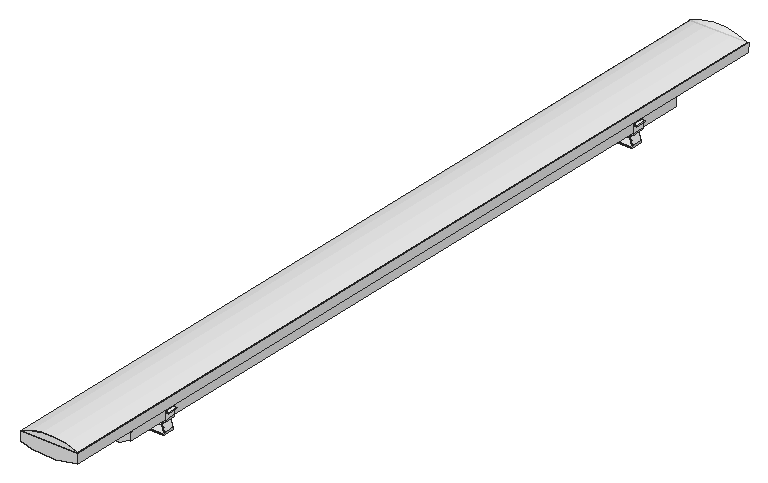
Revit family "Lighting-Industriale-GEWISS-SMART[3]PLUS-HLO-PLAFONIERA-LED-EMERGENZA_TRANSPARENTE_1600mm", category Apparecchi per illuminazione, host Superficie, Revit 2019
Family settings
  Host = Superficie
  Quota connettore circolare = Usa diametro
  Tipo di parte = Normale
  Taglio con vuoti quando caricato = No
  Sorgente d'illuminazione = No
  Condiviso = No
  Punto di calcolo locali = No
Parameters (values of type "GWS3325BT957 - SMART3 PLUS 1600 EMERG DT1+DT6 HO TRASP 9 57")
  Visibilità simbolo [instance] = yes
  Visibilità pianta [instance] = not(Visibilità simbolo)  # no
  Visibilità etichetta [instance] = yes
  Versione file RFA = "20.0"
  URL = "https://www.gewiss.com/it/it"
  Tipologia sorgente luminosa = "LED - Non sostituibile"
  Tipologia = ""
  Tipo alimentatore = ""
  Tensione = "220-240 V "
  Temperatura di utilizzo = "ND"
  Temperatura di funzionamento = "ND"
  Temperatura di colore: = "5700 K (CRI > 90)"
  Temperatura di colore = "5700 K (CRI > 90)"
  Schermo = "Trasparente"
  Scheda Tecnica = "https://www.gewiss.com/it/it/search?q=GWS3325BT957"
  SEO = "Plafoniera"
  Resistenza agli urti = "IK08"
  Potenza di sistema = "50 W"
  Peso (kg): = ""
  NÂ° LED (#) = ""
  Numero poli = 2
  Struttura = GRIGIO
  Stampa 1_200 = no
  Stampa 1_100 = not(Stampa 1_200)  # yes
  Spostamento_Y_etichetta [instance] = 0 mm
  Spostamento_Y_effettivo_etichetta [instance] = 1500 mm - Spostamento_Y_etichetta  # 1500 mm
  Spostamento_X_etichetta [instance] = 0 mm
  Spostamento_X_effettivo_etichetta [instance] = 1500 mm - Spostamento_X_etichetta  # 1500 mm
  Schermo. = Led Acceso
  Default Elevation = 1219.2 mm
  Produttore = "GEWISS S.p.A."
  Modello = "GWS3325BT957"
  Lunghezza Lampada = 1600 mm  # constant formula
  Lunghezza = "1600 mm"
  Lumen output (lm) = "7400"
  Lampada: = "LED"
  Lampada = "LED"
  LED LifeTime (L80B20) = ""
  LED Life time (L90B50) = ""
  LED Life time (L80B50) = ""
  LED Life time (L70) = ""
  Immagine tipo = GWS3158TL.jpg
  IFC.TypeObject = ""
  IFC.ExportType = ""
  IFC.ExportAs = ""
  IDT = "0d0c36dd-7d20-424d-bc0a-e9538265b617"
  IDF = "20be86eb-b235-424b-90a6-5190a60e8883"
  Grado di protezione = "IP66/IP69"
  Glow Wire Test = "850°C"
  Garanzia = "ND"
  Ganci = Alluminio
  Flusso nominale (lm) = ""
  Failure rate apparecchio (50.000h, Tq=25Â° C) = ""
  Failure rate apparecchio (35.000h, Tq=35Â° C) = ""
  Descrizione = "SMART3 PLUS 1600 EMERG DT1+DT6 HO TRASP 9 57"
  Creato da GEWISS S.p.A. = ""
  Commenti sul wattaggio = "26W"
  Codice Electrocod = "2434"
  Codice EAN = ""
  Classe isolamento = "II"
  Classe di efficienza LED integrati = "A ÷ A++"
  Catalogo Serie = "SMART[3] PLUS HLO"
  Catalogo = "LIGHTING"
  Carico apparente = 26 VA
  COBie.Tagnumber = ""
  COBie.CreatedOn = ""
  COBie.CreatebBy = ""
  COBie.ComponentRegisterItemID = ""
  COBie.Component.TagNumber = ""
  COBie.Component.Space = ""
  COBie.Component.SerialNumber = ""
  COBie.Component.InstallationDate = ""
  COBie.Component.Description = ""
  COBie.Component.BarCode = ""
  Applicazione = "Interno"
  Apparecchio a ridotta temperatura superficiale = ""
Types (6, lengths in mm): name | Temperatura di colore: | Temperatura di colore | Scheda Tecnica | Modello | Lumen output (lm) | Immagine tipo | IDT | Descrizione | Commenti sul wattaggio | Carico apparente
  GWS3325BT840 - SMART3 PLUS 1600 EMERG DT1+DT6 HO TRASP 8 40 | "4000 K (CRI > 80)" | "4000 K (CRI > 80)" | "https://www.gewiss.com/it/it/search?q=GWS3325BT840" | "GWS3325BT840" | "9400" | GWS3158T.jpg | "5efdf367-262e-4b37-a7ee-97abab928725" | "SMART3 PLUS 1600 EMERG DT1+DT6 HO TRASP 8 40" | "26W" | 26 VA
  GWS3325BT857 - SMART3 PLUS 1600 EMERG DT1+DT6 HO TRASP 8 57 | "5700 K (CRI > 80)" | "5700 K (CRI > 80)" | "https://www.gewiss.com/it/it/search?q=GWS3325BT857" | "GWS3325BT857" | "9400" | GWS3158T30K.jpg | "3f0ca7bd-6e26-4961-bf24-f6e595b37682" | "SMART3 PLUS 1600 EMERG DT1+DT6 HO TRASP 8 57" | "26W" | 26 VA
  GWS3325BT930 - SMART3 PLUS 1600 EMERG DT1+DT6 HO TRASP 9 30 | "3000 K (CRI > 90)" | "3000 K (CRI > 90)" | "https://www.gewiss.com/it/it/search?q=GWS3325BT930" | "GWS3325BT930" | "6900" | GWS3158T57K.jpg | "4814560a-ea28-4262-bd38-56ad4326c2bf" | "SMART3 PLUS 1600 EMERG DT1+DT6 HO TRASP 9 30" | "26W" | 26 VA
  GWS3325BT830 - SMART3 PLUS 1600 EMERG DT1+DT6 HO TRASP 8 30 | "3000 K (CRI > 80)" | "3000 K (CRI > 80)" | "https://www.gewiss.com/it/it/search?q=GWS3325BT830" | "GWS3325BT830" | "8900" | GWS3158TD30K.jpg | "0effa6a7-1013-4012-9a4c-e161cacb130e" | "SMART3 PLUS 1600 EMERG DT1+DT6 HO TRASP 8 30" | "27W" | 27 VA
  GWS3325BT940 - SMART3 PLUS 1600 EMERG DT1+DT6 HO TRASP 9 40 | "4000 K (CRI > 90)" | "4000 K (CRI > 90)" | "https://www.gewiss.com/it/it/search?q=GWS3325BT940" | "GWS3325BT940" | "7400" | GWS3158TD57K.jpg | "b69984a9-f126-4955-95ec-100c0a2e5617" | "SMART3 PLUS 1600 EMERG DT1+DT6 HO TRASP 9 40" | "27W" | 27 VA
  GWS3325BT957 - SMART3 PLUS 1600 EMERG DT1+DT6 HO TRASP 9 57 | "5700 K (CRI > 90)" | "5700 K (CRI > 90)" | "https://www.gewiss.com/it/it/search?q=GWS3325BT957" | "GWS3325BT957" | "7400" | GWS3158TL.jpg | "0d0c36dd-7d20-424d-bc0a-e9538265b617" | "SMART3 PLUS 1600 EMERG DT1+DT6 HO TRASP 9 57" | "26W" | 26 VA
Reference planes
  plane 1 "Centro (Fronte/Retro)": y = 0
  plane 2: z = 0
  plane 3 "Centro (Sinistra/Destra)": x = 0
  plane 4: x = -1500
  plane 5: y = -1500
  plane 6: x = 0
  plane 7: y = 0
Forms (mm)
  Extrusion 1, solid, material "Alluminio" <- "Ganci", detail levels medium+fine
    sketch origin (0, 0, 0) x (1, 0, 0) y (0, 0, 1)
      loop
        arc (31.431, -0.002) -> (34.576, 1.589) -> (35.156, 5.066) r 3.903
        line (35.156, 5.066) -> (29.612, 23.211)
        arc (29.612, 23.211) -> (29.883, 24.381) -> (31.032, 24.73) r 1.2
        line (31.032, 24.73) -> (34.307, 23.974)
        arc (34.307, 23.974) -> (36.765, 24.53) -> (37.859, 26.8) r 2.9
        line (37.859, 26.8) -> (37.859, 38.8)
        arc (37.859, 38.8) -> (37.648, 39.694) -> (37.059, 40.4) r 2
        line (37.059, 40.4) -> (37.059, 42.71) -> (42.861, 40.598) -> (43.203, 41.538) -> (37.53, 43.603)
        arc (37.53, 43.603) -> (37.019, 43.613) -> (36.605, 43.311) r 0.8
        line (36.605, 43.311) -> (36.306, 26.139)
        arc (36.306, 26.139) -> (35.6, 25.444) -> (34.616, 25.34) r 1.5
        line (34.616, 25.34) -> (31.344, 26.095)
        arc (31.344, 26.095) -> (28.858, 25.335) -> (28.273, 22.802) r 2.6
        line (28.273, 22.802) -> (33.827, 4.636)
        arc (33.827, 4.636) -> (33.449, 2.415) -> (31.438, 1.4) r 2.5
        line (31.438, 1.4) -> (-31.437, 1.4)
        arc (-31.437, 1.4) -> (-33.449, 2.415) -> (-33.827, 4.636) r 2.5
        line (-33.827, 4.636) -> (-28.273, 22.802)
        arc (-28.273, 22.802) -> (-28.858, 25.335) -> (-31.344, 26.095) r 2.6
        line (-31.344, 26.095) -> (-34.616, 25.34)
        arc (-34.616, 25.34) -> (-35.6, 25.444) -> (-36.306, 26.139) r 1.5
        line (-36.306, 26.139) -> (-36.605, 43.311)
        arc (-36.605, 43.311) -> (-37.019, 43.613) -> (-37.53, 43.603) r 0.8
        line (-37.53, 43.603) -> (-43.203, 41.538) -> (-42.861, 40.598) -> (-37.059, 42.71) -> (-37.059, 40.4)
        arc (-37.059, 40.4) -> (-37.648, 39.694) -> (-37.859, 38.8) r 2
        line (-37.859, 38.8) -> (-37.859, 26.8)
        arc (-37.859, 26.8) -> (-36.765, 24.53) -> (-34.307, 23.974) r 2.9
        line (-34.307, 23.974) -> (-31.032, 24.73)
        arc (-31.032, 24.73) -> (-29.883, 24.381) -> (-29.612, 23.211) r 1.2
        line (-29.612, 23.211) -> (-35.156, 5.066)
        arc (-35.156, 5.066) -> (-34.576, 1.589) -> (-31.431, -0.002) r 3.903
        line (-31.431, -0.002) -> (31.431, -0.002)
    from 548.766 to 568.766
  Extrusion 2, solid, material "Alluminio" <- "Ganci", detail levels medium+fine
    sketch origin (0, 0, 0) x (1, 0, 0) y (0, 0, -1)
      loop
        line (31.431, 0.002) -> (-31.431, 0.002)
        arc (-31.431, 0.002) -> (-34.576, -1.589) -> (-35.156, -5.066) r 3.903
        line (-35.156, -5.066) -> (-29.612, -23.211)
        arc (-29.612, -23.211) -> (-29.883, -24.381) -> (-31.032, -24.73) r 1.2
        line (-31.032, -24.73) -> (-34.307, -23.974)
        arc (-34.307, -23.974) -> (-36.765, -24.53) -> (-37.859, -26.8) r 2.9
        line (-37.859, -26.8) -> (-37.859, -38.8)
        arc (-37.859, -38.8) -> (-37.648, -39.694) -> (-37.059, -40.4) r 2
        line (-37.059, -40.4) -> (-37.059, -42.71) -> (-42.861, -40.598) -> (-43.203, -41.538) -> (-37.53, -43.603)
        arc (-37.53, -43.603) -> (-37.019, -43.613) -> (-36.605, -43.311) r 0.8
        line (-36.605, -43.311) -> (-36.306, -26.139)
        arc (-36.306, -26.139) -> (-35.6, -25.444) -> (-34.616, -25.34) r 1.5
        line (-34.616, -25.34) -> (-31.344, -26.095)
        arc (-31.344, -26.095) -> (-28.858, -25.335) -> (-28.273, -22.802) r 2.6
        line (-28.273, -22.802) -> (-33.827, -4.636)
        arc (-33.827, -4.636) -> (-33.449, -2.415) -> (-31.437, -1.4) r 2.5
        line (-31.437, -1.4) -> (31.438, -1.4)
        arc (31.438, -1.4) -> (33.449, -2.415) -> (33.827, -4.636) r 2.5
        line (33.827, -4.636) -> (28.273, -22.802)
        arc (28.273, -22.802) -> (28.858, -25.335) -> (31.344, -26.095) r 2.6
        line (31.344, -26.095) -> (34.616, -25.34)
        arc (34.616, -25.34) -> (35.6, -25.444) -> (36.306, -26.139) r 1.5
        line (36.306, -26.139) -> (36.605, -43.311)
        arc (36.605, -43.311) -> (37.019, -43.613) -> (37.53, -43.603) r 0.8
        line (37.53, -43.603) -> (43.203, -41.538) -> (42.861, -40.598) -> (37.059, -42.71) -> (37.059, -40.4)
        arc (37.059, -40.4) -> (37.648, -39.694) -> (37.859, -38.8) r 2
        line (37.859, -38.8) -> (37.859, -26.8)
        arc (37.859, -26.8) -> (36.765, -24.53) -> (34.307, -23.974) r 2.9
        line (34.307, -23.974) -> (31.032, -24.73)
        arc (31.032, -24.73) -> (29.883, -24.381) -> (29.612, -23.211) r 1.2
        line (29.612, -23.211) -> (35.156, -5.066)
        arc (35.156, -5.066) -> (34.576, -1.589) -> (31.431, 0.002) r 3.903
    from 548.766 to 568.766
  Extrusion 3, solid, material "GRIGIO" <- "Struttura", detail levels medium+fine
    sketch origin (0, 0, 0) x (1, 0, 0) y (0, 0, 1)
      loop
        line (-36.331, 55.757) -> (-35.847, 28.018)
        arc (-35.847, 28.018) -> (-33.139, 27.27) -> (-30.416, 26.58) r 129.5
        arc (-30.416, 26.58) -> (-28.066, 25.76) -> (-25.915, 24.506) r 13
        arc (-25.915, 24.506) -> (-24.23, 23.324) -> (-22.521, 22.178) r 99.5
        arc (-22.521, 22.178) -> (-16.401, 19.063) -> (-9.748, 17.365) r 31.146
        line (-9.748, 17.365) -> (12.491, 17.365)
        arc (12.491, 17.365) -> (17.822, 19.098) -> (22.764, 21.745) r 31.646
        arc (22.764, 21.745) -> (24.509, 22.915) -> (26.228, 24.122) r 100
        arc (26.228, 24.122) -> (28.283, 25.313) -> (30.525, 26.095) r 12.5
        arc (30.525, 26.095) -> (33.437, 26.834) -> (36.332, 27.64) r 130
        line (36.332, 27.64) -> (36.824, 55.851)
        arc (36.824, 55.851) -> (24.914, 53.937) -> (12.909, 52.764) r 195.047
        line (12.909, 52.764) -> (-12.909, 52.764)
        arc (-12.909, 52.764) -> (-24.665, 53.905) -> (-36.331, 55.757) r 195.047
    from -650 to 650
  Extrusion 4, solid, material "GRIGIO" <- "Struttura", detail levels medium+fine
    sketch origin (0, 0, 0) x (1, 0, 0) y (0, 0, 1)
      loop
        line (54.725, 60.184) -> (55.177, 77.445) -> (-55.177, 77.445) -> (-54.725, 60.184)
        arc (-54.725, 60.184) -> (-34.019, 55.332) -> (-12.909, 52.764) r 195.047
        line (-12.909, 52.764) -> (12.909, 52.764)
        arc (12.909, 52.764) -> (34.019, 55.332) -> (54.725, 60.184) r 195.047
    from -800 to 800
  Extrusion 5, solid, material "Led Acceso" <- "Schermo.", detail levels medium+fine
    sketch origin (0, 0, 0) x (1, 0, 0) y (0, 0, 1)
      loop
        arc (54.697, 78.441) -> (-0.014, 90.457) -> (-54.723, 78.429) r 130.5
        arc (-54.723, 78.429) -> (-54.988, 77.838) -> (-54.5, 77.445) r 0.5
        line (-54.5, 77.445) -> (54.479, 77.445)
        arc (54.479, 77.445) -> (54.988, 77.855) -> (54.697, 78.441) r 0.522
    from -800 to 800
  Extrusion 6, solid, material "GRIGIO" <- "Struttura", detail levels coarse
    sketch origin (0, 0, 0) x (1, 0, 0) y (0, 0, 1)
      loop
        line (-54.5, 90.439) -> (-54.5, 0) -> (54.5, 0) -> (54.5, 90.439) -> (-54.5, 90.439)
    from -800 to 800
Lines and regions (mm)
  Masking region 1, visible <- "Visibilità pianta"
    outline origin (0, 0, 0) x (1, 0, 0) y (0, 1, 0)
      loop
        line (-55.177, 800) -> (-55.177, -800) -> (55.177, -800) -> (55.177, 800) -> (-55.177, 800)
  model lines, style "GEWISS - LIGHT 2D", not visible, detail levels medium+fine
    curve 1: arc (599.156, 237.359, 0) -> (604.568, 231.947, 0) -> (609.98, 237.359, 0) r 5.412
    curve 6: arc (581.804, 237.359, 0) -> (582.83, 230.601, 0) -> (585.816, 224.453, 0) r 22.764
    curve 7: arc (623.32, 224.453, 0) -> (626.306, 230.601, 0) -> (627.332, 237.359, 0) r 22.764
    curve 8: arc (609.98, -154.35, 0) -> (604.568, -148.937, 0) -> (599.156, -154.35, 0) r 5.412
    curve 14: arc (585.816, -141.444, 0) -> (582.83, -147.592, 0) -> (581.804, -154.35, 0) r 22.764
    curve 15: arc (627.332, -154.35, 0) -> (626.306, -147.592, 0) -> (623.32, -141.444, 0) r 22.764
    curve 22: line (581.804, 248.502, 0) -> (581.804, 237.359, 0)
    curve 23: line (581.804, 237.359, 0) -> (599.156, 237.359, 0)
    curve 24: line (599.156, 237.359, 0) -> (599.156, 248.502, 0)
    curve 25: line (599.156, 256.809, 0) -> (599.156, 262.193, 0)
    curve 26: line (609.98, 248.502, 0) -> (609.98, 237.359, 0)
    curve 27: line (609.98, 237.359, 0) -> (627.332, 237.359, 0)
    curve 28: line (627.332, 237.359, 0) -> (627.332, 248.502, 0)
    curve 39: line (581.804, -154.35, 0) -> (581.804, -165.498, 0)
    curve 40: line (581.804, -165.498, 0) -> (581.804, -154.35, 0)
    curve 41: line (581.804, -154.35, 0) -> (599.156, -154.35, 0)
    curve 42: line (599.156, -154.35, 0) -> (599.156, -165.498, 0)
    curve 43: line (609.98, -165.498, 0) -> (609.98, -154.35, 0)
    curve 44: line (609.98, -154.35, 0) -> (627.332, -154.35, 0)
    curve 45: line (627.332, -154.35, 0) -> (627.332, -165.498, 0)
    curve 46: line (627.332, -165.498, 0) -> (627.332, -154.35, 0)
    curve 47: line (609.98, -179.249, 0) -> (609.98, -173.749, 0)
    curve 50: line (599.156, -179.191, 0) -> (599.156, -173.807, 0)
    curve 94: circle (617.836, 259.501, 0) r 1.5 normal (0, 0, 1)
    curve 95: circle (591.836, 259.501, 0) r 1.5 normal (0, 0, 1)
    curve 96: arc (610.218, 256.751, 0) -> (612.968, 259.501, 0) -> (610.218, 262.251, 0) r 2.75
    curve 97: arc (599.718, 262.251, 0) -> (596.968, 259.501, 0) -> (599.718, 256.751, 0) r 2.75
    curve 102: circle (617.836, -176.499, 0) r 1.5 normal (0, 0, 1)
    curve 103: circle (591.836, -176.499, 0) r 1.5 normal (0, 0, 1)
    curve 104: arc (610.218, -179.249, 0) -> (612.968, -176.499, 0) -> (610.218, -173.749, 0) r 2.75
    curve 105: arc (599.718, -173.749, 0) -> (596.968, -176.499, 0) -> (599.718, -179.249, 0) r 2.75
    curve 184: line (599.718, 262.251, 0) -> (610.218, 262.251, 0)
    curve 185: line (599.718, 256.751, 0) -> (610.218, 256.751, 0)
    curve 194: line (599.718, -173.749, 0) -> (610.218, -173.749, 0)
    curve 195: line (599.718, -179.249, 0) -> (610.218, -179.249, 0)
    curve 214: line (604.568, 230.323, 0) -> (604.568, 244.394, 0)
    curve 215: line (611.603, 237.359, 0) -> (597.532, 237.359, 0)
    curve 216: line (604.568, -161.385, 0) -> (604.568, -147.314, 0)
    curve 217: line (611.603, -154.35, 0) -> (597.532, -154.35, 0)
    curve 223: line (617.836, 257.551, 0) -> (617.836, 261.451, 0)
    curve 224: line (619.786, 259.501, 0) -> (615.886, 259.501, 0)
    curve 225: line (591.836, 257.551, 0) -> (591.836, 261.451, 0)
    curve 226: line (593.786, 259.501, 0) -> (589.886, 259.501, 0)
    curve 227: line (603.293, 259.501, 0) -> (596.143, 259.501, 0)
    curve 228: line (610.218, 255.926, 0) -> (610.218, 263.076, 0)
    curve 229: line (613.793, 259.501, 0) -> (606.643, 259.501, 0)
    curve 230: line (617.836, -178.449, 0) -> (617.836, -174.549, 0)
    curve 231: line (619.786, -176.499, 0) -> (615.886, -176.499, 0)
    curve 232: line (591.836, -178.449, 0) -> (591.836, -174.549, 0)
    curve 233: line (593.786, -176.499, 0) -> (589.886, -176.499, 0)
    curve 234: line (599.718, -180.074, 0) -> (599.718, -172.924, 0)
    curve 235: line (603.293, -176.499, 0) -> (596.143, -176.499, 0)
    curve 236: line (610.218, -180.074, 0) -> (610.218, -172.924, 0)
    curve 237: line (613.793, -176.499, 0) -> (606.643, -176.499, 0)
    curve 238: arc (585.816, 224.453, 0) -> (604.568, 218.168, 0) -> (623.32, 224.453, 0) r 31.118
    curve 239: arc (623.32, -141.444, 0) -> (604.568, -135.159, 0) -> (585.816, -141.444, 0) r 31.118
  model lines, style "GEWISS - LIGHT 2D", not visible
    curve 2: arc (642.177, 315.223, 0) -> (641.755, 316.267, 0) -> (640.725, 316.723, 0) r 1.499
    curve 3: arc (640.726, -233.714, 0) -> (641.755, -233.258, 0) -> (642.177, -232.214, 0) r 1.499
    curve 4: arc (568.41, 316.723, 0) -> (567.381, 316.267, 0) -> (566.959, 315.223, 0) r 1.499
    curve 5: arc (566.959, -232.214, 0) -> (567.38, -233.258, 0) -> (568.409, -233.714, 0) r 1.499
    curve 16: line (568.41, 316.723, 0) -> (592.409, 317.119, 0)
    curve 17: line (592.409, 317.119, 0) -> (595.819, 317.196, 0)
    curve 18: line (595.819, 317.196, 0) -> (604.587, 317.348, 0)
    curve 19: line (604.587, 317.348, 0) -> (613.319, 317.196, 0)
    curve 20: line (613.319, 317.196, 0) -> (616.729, 317.119, 0)
    curve 21: line (616.729, 317.119, 0) -> (640.725, 316.723, 0)
    curve 29: line (568.409, -233.714, 0) -> (604.582, -234.348, 0)
    curve 30: line (604.582, -234.348, 0) -> (640.726, -233.714, 0)
    curve 31: line (642.177, -187.498, 0) -> (642.177, -232.214, 0)
    curve 32: line (642.177, 248.502, 0) -> (642.177, -165.498, 0)
    curve 33: line (642.177, 315.223, 0) -> (642.177, 270.502, 0)
    curve 34: line (566.959, 315.223, 0) -> (566.959, 270.502, 0)
    curve 35: line (566.959, 248.502, 0) -> (566.959, -165.498, 0)
    curve 36: line (566.959, -187.498, 0) -> (566.959, -232.214, 0)
    curve 37: line (604.549, -234.347, 0) -> (604.569, -233.348, 0)
    curve 38: line (604.569, -233.348, 0) -> (604.549, -234.347, 0)
    curve 48: line (609.989, -233.253, 0) -> (609.98, -232.753, 0)
    curve 49: line (609.98, -232.753, 0) -> (609.98, -187.498, 0)
    curve 51: line (599.147, -233.253, 0) -> (599.156, -232.753, 0)
    curve 52: line (599.156, -232.753, 0) -> (599.156, -187.498, 0)
    curve 53: line (604.568, -232.848, 0) -> (604.569, -233.348, 0)
    curve 54: line (604.569, -233.348, 0) -> (604.568, -232.848, 0)
    curve 69: arc (658.224, 441.447, 0) -> (657.902, 441.529, 0) -> (657.571, 441.558, 0) r 1.999
    curve 71: arc (659.744, 439.503, 0) -> (659.172, 440.906, 0) -> (657.781, 441.505, 0) r 1.998
    curve 72: arc (549.391, -356.494, 0) -> (549.963, -357.897, 0) -> (551.356, -358.495, 0) r 1.998
    curve 98: spline (648.539, 268.506, 0) -> (648.523, 268.767, 0) -> (648.475, 269.023, 0) -> (648.396, 269.27, 0) -> (648.287, 269.504, 0) -> (648.151, 269.721, 0) -> (647.989, 269.918, 0) -> (647.804, 270.09, 0) -> (647.599, 270.235, 0) -> (647.379, 270.35, 0) -> (647.146, 270.434, 0) -> (646.905, 270.485, 0) -> (646.66, 270.502, 0)
    curve 99: spline (646.66, 248.502, 0) -> (646.905, 248.519, 0) -> (647.146, 248.57, 0) -> (647.379, 248.654, 0) -> (647.599, 248.77, 0) -> (647.804, 248.916, 0) -> (647.989, 249.089, 0) -> (648.151, 249.286, 0) -> (648.287, 249.504, 0) -> (648.396, 249.739, 0) -> (648.475, 249.987, 0) -> (648.523, 250.245, 0) -> (648.539, 250.506, 0)
    curve 100: spline (561.397, 250.501, 0) -> (561.413, 250.24, 0) -> (561.461, 249.984, 0) -> (561.54, 249.736, 0) -> (561.648, 249.502, 0) -> (561.785, 249.284, 0) -> (561.947, 249.087, 0) -> (562.132, 248.915, 0) -> (562.336, 248.77, 0) -> (562.557, 248.654, 0) -> (562.79, 248.57, 0) -> (563.031, 248.519, 0) -> (563.276, 248.502, 0)
    curve 101: spline (563.276, 270.502, 0) -> (563.031, 270.485, 0) -> (562.79, 270.434, 0) -> (562.557, 270.35, 0) -> (562.336, 270.234, 0) -> (562.132, 270.089, 0) -> (561.947, 269.916, 0) -> (561.785, 269.72, 0) -> (561.648, 269.502, 0) -> (561.54, 269.267, 0) -> (561.461, 269.019, 0) -> (561.413, 268.763, 0) -> (561.397, 268.502, 0)
    curve 106: spline (648.539, -167.494, 0) -> (648.523, -167.233, 0) -> (648.475, -166.977, 0) -> (648.396, -166.73, 0) -> (648.287, -166.496, 0) -> (648.151, -166.279, 0) -> (647.989, -166.083, 0) -> (647.804, -165.911, 0) -> (647.599, -165.766, 0) -> (647.379, -165.65, 0) -> (647.146, -165.566, 0) -> (646.905, -165.515, 0) -> (646.66, -165.498, 0)
    curve 107: spline (646.66, -187.498, 0) -> (646.905, -187.481, 0) -> (647.146, -187.43, 0) -> (647.379, -187.346, 0) -> (647.599, -187.23, 0) -> (647.804, -187.084, 0) -> (647.989, -186.911, 0) -> (648.151, -186.714, 0) -> (648.287, -186.496, 0) -> (648.396, -186.261, 0) -> (648.475, -186.012, 0) -> (648.523, -185.755, 0) -> (648.539, -185.494, 0)
    curve 108: spline (561.397, -185.499, 0) -> (561.413, -185.76, 0) -> (561.461, -186.016, 0) -> (561.54, -186.264, 0) -> (561.648, -186.498, 0) -> (561.785, -186.716, 0) -> (561.947, -186.912, 0) -> (562.132, -187.085, 0) -> (562.336, -187.23, 0) -> (562.557, -187.346, 0) -> (562.79, -187.43, 0) -> (563.031, -187.481, 0) -> (563.276, -187.498, 0)
    curve 109: spline (563.276, -165.498, 0) -> (563.031, -165.516, 0) -> (562.79, -165.567, 0) -> (562.557, -165.651, 0) -> (562.336, -165.766, 0) -> (562.132, -165.912, 0) -> (561.947, -166.084, 0) -> (561.785, -166.281, 0) -> (561.648, -166.499, 0) -> (561.54, -166.733, 0) -> (561.461, -166.981, 0) -> (561.413, -167.238, 0) -> (561.397, -167.499, 0)
    curve 110: arc (657.245, -358.546, 0) -> (659.012, -357.814, 0) -> (659.745, -356.046, 0) r 2.5
    curve 111: arc (551.891, 441.558, 0) -> (550.123, 440.825, 0) -> (549.391, 439.058, 0) r 2.5
    curve 142: line (657.571, 441.558, 0) -> (604.567, 441.558, 0)
    curve 143: line (604.567, 441.558, 0) -> (551.891, 441.558, 0)
    curve 144: line (551.356, -358.495, 0) -> (604.568, -358.495, 0)
    curve 145: line (604.568, -358.495, 0) -> (657.245, -358.495, 0)
    curve 157: line (599.147, -233.253, 0) -> (604.569, -233.348, 0)
    curve 158: line (604.569, -233.348, 0) -> (609.989, -233.253, 0)
    curve 159: line (659.745, -356.046, 0) -> (659.745, 439.503, 0)
    curve 160: line (657.781, 441.505, 0) -> (604.567, 441.505, 0)
    curve 161: line (549.391, -356.494, 0) -> (549.391, 439.058, 0)
    curve 186: line (642.696, 270.501, 0) -> (642.427, 270.501, 0)
    curve 187: line (563.481, 270.502, 0) -> (563.276, 270.502, 0)
    curve 188: line (563.276, 270.502, 0) -> (646.454, 270.502, 0)
    curve 189: line (646.454, 270.502, 0) -> (646.66, 270.502, 0)
    curve 190: line (563.481, 248.502, 0) -> (563.276, 248.502, 0)
    curve 191: line (646.454, 248.502, 0) -> (646.66, 248.502, 0)
    curve 192: line (648.539, 250.506, 0) -> (648.539, 268.506, 0)
    curve 193: line (561.397, 250.501, 0) -> (561.397, 268.501, 0)
    curve 196: line (646.66, -165.498, 0) -> (646.454, -165.498, 0)
    curve 197: line (646.454, -165.498, 0) -> (642.696, -165.498, 0)
    curve 198: line (642.696, -165.498, 0) -> (642.427, -165.498, 0)
    curve 199: line (642.427, -165.498, 0) -> (639.905, -165.498, 0)
    curve 200: line (639.905, -165.498, 0) -> (636.805, -165.498, 0)
    curve 201: line (636.805, -165.498, 0) -> (573.13, -165.498, 0)
    curve 202: line (573.13, -165.498, 0) -> (570.031, -165.498, 0)
    curve 203: line (570.031, -165.498, 0) -> (567.508, -165.498, 0)
    curve 204: line (567.508, -165.498, 0) -> (567.24, -165.498, 0)
    curve 205: line (567.24, -165.498, 0) -> (563.481, -165.498, 0)
    curve 206: line (563.481, -165.498, 0) -> (563.276, -165.498, 0)
    curve 207: line (563.276, -187.498, 0) -> (563.481, -187.498, 0)
    curve 208: line (563.481, -187.498, 0) -> (646.454, -187.498, 0)
    curve 209: line (646.454, -187.498, 0) -> (646.66, -187.498, 0)
    curve 210: line (642.696, -187.499, 0) -> (642.427, -187.499, 0)
    curve 211: line (648.539, -185.494, 0) -> (648.539, -167.494, 0)
    curve 212: line (561.397, -185.499, 0) -> (561.397, -167.499, 0)
    curve 219: line (604.569, 276.529, 0) -> (604.569, -193.52, 0)
    curve 240: line (646.454, 248.502, 0) -> (563.276, 248.502, 0)
  model lines, style "GEWISS - LIGHT 2D", not visible, detail levels fine
    curve 9: arc (621.884, 350.407, 0) -> (621.798, 350.225, 0) -> (621.768, 350.027, 0) r 0.678
    curve 10: arc (622.621, 351.453, 0) -> (622.246, 350.935, 0) -> (621.884, 350.407, 0) r 25.107
    curve 11: arc (623.611, 352.703, 0) -> (623.106, 352.086, 0) -> (622.621, 351.453, 0) r 25.491
    curve 12: arc (626.634, 356.042, 0) -> (625.055, 354.434, 0) -> (623.611, 352.703, 0) r 27.8
    curve 13: arc (628.933, 357.976, 0) -> (627.762, 357.034, 0) -> (626.634, 356.042, 0) r 34.286
    curve 55: line (595.819, 317.196, 0) -> (595.819, 331.194, 0)
    curve 56: line (595.819, 331.194, 0) -> (595.823, 331.698, 0)
    curve 57: line (613.319, 317.196, 0) -> (613.319, 331.194, 0)
    curve 58: line (613.319, 331.194, 0) -> (613.315, 331.698, 0)
    curve 59: line (601.188, 333.427, 0) -> (595.819, 333.381, 0)
    curve 60: line (595.819, 333.381, 0) -> (592.551, 333.351, 0)
    curve 61: line (621.768, 349.976, 0) -> (621.768, 349.703, 0)
    curve 62: line (618.568, 339.703, 0) -> (618.568, 340.003, 0)
    curve 63: line (618.568, 340.003, 0) -> (618.568, 349.403, 0)
    curve 64: line (618.568, 349.403, 0) -> (618.568, 349.703, 0)
    curve 65: line (626.634, 356.042, 0) -> (625.666, 357.327, 0)
    curve 66: line (625.666, 357.327, 0) -> (625.303, 357.809, 0)
    curve 67: arc (615.276, 335.364, 0) -> (616.055, 336.638, 0) -> (614.919, 337.608, 0) r 1.15
    curve 68: arc (594.228, 337.608, 0) -> (593.084, 336.643, 0) -> (593.862, 335.364, 0) r 1.15
    curve 70: arc (618.493, 319.316, 0) -> (619.321, 319.921, 0) -> (619.181, 320.937, 0) r 1
    curve 73: arc (592.532, 331.227, 0) -> (592.389, 331.582, 0) -> (592.037, 331.731, 0) r 0.5
    curve 74: arc (617.101, 331.731, 0) -> (616.749, 331.582, 0) -> (616.606, 331.227, 0) r 0.5
    curve 75: arc (617.805, 349.703, 0) -> (617.188, 349.635, 0) -> (616.597, 349.441, 0) r 3
    curve 76: arc (606.569, 342.058, 0) -> (605.632, 343.753, 0) -> (603.698, 343.859, 0) r 2
    curve 77: arc (599.084, 344.854, 0) -> (601.221, 343.569, 0) -> (603.698, 343.859, 0) r 3.86
    curve 78: arc (598.376, 346.791, 0) -> (598.558, 345.76, 0) -> (599.084, 344.854, 0) r 3
    curve 79: arc (605.757, 349.962, 0) -> (611.115, 348.406, 0) -> (616.597, 349.441, 0) r 12
    curve 80: arc (622.068, 349.403, 0) -> (621.98, 349.615, 0) -> (621.768, 349.703, 0) r 0.3
    curve 81: arc (620.003, 351.317, 0) -> (619.679, 350.57, 0) -> (619.569, 349.763, 0) r 3
    curve 82: arc (603.144, 334.726, 0) -> (600.795, 328.007, 0) -> (607.888, 327.419, 0) r 4.5
    curve 83: arc (603.144, 334.726, 0) -> (605.626, 336.549, 0) -> (606.569, 339.481, 0) r 5
    curve 84: arc (602.226, 350.998, 0) -> (599.524, 350.005, 0) -> (598.376, 347.367, 0) r 3.66
    curve 85: arc (605.757, 349.962, 0) -> (604.052, 350.686, 0) -> (602.226, 350.998, 0) r 8
    curve 86: arc (621.772, 339.703, 0) -> (621.999, 339.807, 0) -> (622.068, 340.048, 0) r 0.3
    curve 87: arc (618.568, 339.703, 0) -> (617.972, 339.652, 0) -> (617.393, 339.5, 0) r 3.5
    curve 88: arc (617.393, 339.5, 0) -> (612.456, 336.19, 0) -> (609.712, 330.917, 0) r 12
    curve 89: arc (607.888, 327.419, 0) -> (609.019, 329.054, 0) -> (609.712, 330.917, 0) r 8
    curve 90: arc (620.895, 352.703, 0) -> (620.493, 352.099, 0) -> (620.105, 351.485, 0) r 29.999
    curve 91: arc (625.281, 357.788, 0) -> (623.014, 355.448, 0) -> (621.015, 352.877, 0) r 30
    curve 92: arc (627.608, 359.734, 0) -> (626.431, 358.8, 0) -> (625.303, 357.809, 0) r 29.995
    curve 93: circle (604.569, 330.458, 0) r 2.1 normal (0, 0, 1)
    curve 112: line (589.422, 320.458, 0) -> (589.069, 320.811, 0)
    curve 113: line (589.069, 320.811, 0) -> (589.069, 322.709, 0)
    curve 114: line (589.069, 322.709, 0) -> (589.069, 323.958, 0)
    curve 115: line (589.069, 323.958, 0) -> (589.422, 323.958, 0)
    curve 116: line (589.422, 323.958, 0) -> (590.069, 323.958, 0)
    curve 117: line (590.069, 323.958, 0) -> (590.069, 324.958, 0)
    curve 118: line (590.069, 324.958, 0) -> (589.422, 324.958, 0)
    curve 119: line (589.422, 324.958, 0) -> (589.069, 324.958, 0)
    curve 120: line (589.069, 324.958, 0) -> (589.069, 328.104, 0)
    curve 121: line (589.069, 328.104, 0) -> (589.422, 328.458, 0)
    curve 122: line (589.422, 324.958, 0) -> (589.422, 328.458, 0)
    curve 123: line (589.422, 328.458, 0) -> (591.069, 328.458, 0)
    curve 124: line (591.069, 328.458, 0) -> (591.069, 322.54, 0)
    curve 125: line (591.069, 322.54, 0) -> (591.069, 320.458, 0)
    curve 126: line (591.069, 320.458, 0) -> (589.422, 320.458, 0)
    curve 127: line (589.422, 320.458, 0) -> (589.422, 322.54, 0)
    curve 128: line (589.422, 322.54, 0) -> (589.422, 323.958, 0)
    curve 129: line (606.208, 337.608, 0) -> (602.469, 337.608, 0)
    curve 130: line (602.469, 337.608, 0) -> (599.469, 337.608, 0)
    curve 131: line (599.469, 337.608, 0) -> (596.069, 337.608, 0)
    curve 132: line (596.069, 337.608, 0) -> (594.228, 337.608, 0)
    curve 133: line (606.469, 338.477, 0) -> (606.569, 341.457, 0)
    curve 134: line (606.469, 341.458, 0) -> (602.469, 341.458, 0)
    curve 135: line (602.469, 341.458, 0) -> (599.469, 341.458, 0)
    curve 136: line (599.469, 341.458, 0) -> (596.519, 341.458, 0)
    curve 137: line (596.519, 341.458, 0) -> (594.919, 341.458, 0)
    curve 138: line (594.919, 341.458, 0) -> (593.969, 341.458, 0)
    curve 139: line (593.969, 341.458, 0) -> (593.969, 337.58, 0)
    curve 140: line (614.019, 337.651, 0) -> (614.969, 337.606, 0)
    curve 141: line (614.969, 337.606, 0) -> (614.969, 338.32, 0)
    curve 146: line (604.55, 335.458, 0) -> (595.819, 335.382, 0)
    curve 147: line (595.819, 335.382, 0) -> (592.569, 335.353, 0)
    curve 148: line (592.569, 335.353, 0) -> (592.551, 333.351, 0)
    curve 149: line (616.587, 333.351, 0) -> (616.569, 335.353, 0)
    curve 150: line (616.569, 335.353, 0) -> (613.319, 335.381, 0)
    curve 151: line (613.319, 335.381, 0) -> (611.803, 335.395, 0)
    curve 152: line (592.515, 329.208, 0) -> (591.069, 329.208, 0)
    curve 153: line (591.069, 329.208, 0) -> (591.069, 319.708, 0)
    curve 154: line (591.069, 319.708, 0) -> (592.432, 319.708, 0)
    curve 155: line (618.493, 319.316, 0) -> (616.711, 319.145, 0)
    curve 156: line (616.667, 324.145, 0) -> (619.181, 320.937, 0)
    curve 162: line (610.544, 333.306, 0) -> (613.388, 333.281, 0)
    curve 163: line (613.388, 333.281, 0) -> (618.088, 333.24, 0)
    curve 164: line (618.088, 333.24, 0) -> (618.088, 331.74, 0)
    curve 165: line (618.088, 331.74, 0) -> (613.388, 331.699, 0)
    curve 166: line (613.388, 331.699, 0) -> (609.914, 331.668, 0)
    curve 167: line (600.232, 331.66, 0) -> (595.75, 331.699, 0)
    curve 168: line (595.75, 331.699, 0) -> (591.05, 331.74, 0)
    curve 169: line (591.05, 331.74, 0) -> (591.05, 333.24, 0)
    curve 170: line (591.05, 333.24, 0) -> (595.75, 333.281, 0)
    curve 171: line (595.75, 333.281, 0) -> (601.102, 333.328, 0)
    curve 172: line (592.409, 317.119, 0) -> (592.532, 331.227, 0)
    curve 173: line (616.729, 317.119, 0) -> (616.606, 331.227, 0)
    curve 174: line (621.768, 349.703, 0) -> (618.568, 349.703, 0)
    curve 175: line (618.568, 349.703, 0) -> (617.805, 349.703, 0)
    curve 176: line (606.569, 342.058, 0) -> (606.569, 339.481, 0)
    curve 177: line (598.376, 347.367, 0) -> (598.376, 346.791, 0)
    curve 178: line (618.568, 339.703, 0) -> (621.772, 339.703, 0)
    curve 179: line (622.068, 349.403, 0) -> (622.068, 340.048, 0)
    curve 180: line (620.002, 351.317, 0) -> (620.086, 351.453, 0)
    curve 181: line (621.015, 352.877, 0) -> (620.895, 352.703, 0)
    curve 182: line (628.933, 357.976, 0) -> (627.969, 359.255, 0)
    curve 183: line (627.969, 359.255, 0) -> (627.608, 359.734, 0)
    curve 213: line (589.258, 324.458, 0) -> (591.233, 324.458, 0)
    curve 218: line (592.659, 324.458, 0) -> (590.924, 324.458, 0)
    curve 220: line (604.569, 327.728, 0) -> (604.569, 333.188, 0)
    curve 221: line (607.299, 330.458, 0) -> (601.839, 330.458, 0)
    curve 222: line (618.568, 350.343, 0) -> (618.568, 339.063, 0)
  model lines, style "GEWISS - LIGHT 2D", not visible, detail levels coarse
    curve 241: arc (515.447, 800, 0) -> (513.679, 799.268, 0) -> (512.947, 797.5, 0) r 2.5
    curve 242: line (623.301, 800, 0) -> (515.447, 800, 0)
    curve 243: line (512.947, -800, 0) -> (623.301, -800, 0)
    curve 244: line (623.301, -800, 0) -> (623.301, 800, 0)
    curve 245: line (512.947, -800, 0) -> (512.947, 797.5, 0)
    curve 246: line (568.125, 575.964, 0) -> (568.125, -769.036, 0)
    curve 248: arc (515.447, -800, 0) -> (513.679, -799.268, 0) -> (512.947, -797.5, 0) r 2.5
  model lines, style "GEWISS - LIGHT 2D", detail levels coarse
    curve 247: arc (-52.678, -188.779, 0) -> (-54.446, -188.047, 0) -> (-55.178, -186.279, 0) r 2.5
Dimensions and locks
  plane 4 to plane 3 "Centro (Sinistra/Destra)" = 1500 mm
  "Spostamento_X_effettivo_etichetta": plane 4 to plane 6
  "Spostamento_Y_effettivo_etichetta": plane 7 to plane 5
  plane 1 "Centro (Fronte/Retro)" to plane 5 = 1500 mm
  aligned and locked: plane 2 to host face
  aligned and locked: level to host face
  aligned and locked: Masking region 1 sketch curve to Extrusion 4  (x3)
  aligned and locked: plane 6 to nested 1
  aligned and locked: nested 1 to plane 7
  aligned and locked: nested 2 to plane 1 "Centro (Fronte/Retro)"
  aligned and locked: plane 3 "Centro (Sinistra/Destra)" to nested 2
Automatic sketch dimensions
  host sketch curve to host sketch curve = 2438.4 mm  (x2)
  Extrusion 1 sketch curve to Extrusion 1 sketch curve = 0 mm  (x28)
  Extrusion 1 sketch curve to plane 3 "Centro (Sinistra/Destra)" = 43.203 mm
  level to Extrusion 1 sketch curve = 40.598 mm
  Extrusion 1 sketch curve to Extrusion 1 sketch curve = 0.342 mm  (x2)
  Extrusion 1 sketch curve to Extrusion 1 sketch curve = 5.002 mm  (x2)
  Extrusion 1 sketch curve to Extrusion 1 sketch curve = 0.329 mm
  Extrusion 1 sketch curve to Extrusion 1 sketch curve = 0.271 mm  (x2)
  Extrusion 1 sketch curve to Extrusion 1 sketch curve = 0.8 mm  (x2)
  Extrusion 1 sketch curve to Extrusion 1 sketch curve = 0.454 mm  (x2)
  Extrusion 1 sketch curve to Extrusion 1 sketch curve = 1.554 mm
  Extrusion 1 sketch curve to Extrusion 1 sketch curve = 2 mm
  level to Extrusion 1 sketch curve = 5.066 mm  (x2)
  Extrusion 1 sketch curve to Extrusion 1 sketch curve = 1.15 mm
  Extrusion 1 sketch curve to Extrusion 1 sketch curve = 1.346 mm  (x2)
  Extrusion 1 sketch curve to Extrusion 1 sketch curve = 0.343 mm  (x2)
  level to Extrusion 1 sketch curve = 4.636 mm  (x2)
  Extrusion 1 sketch curve to Extrusion 1 sketch curve = 1.329 mm  (x2)
  level to Extrusion 1 sketch curve = 1.4 mm
  Extrusion 1 sketch curve to Extrusion 1 sketch curve = 2.389 mm  (x2)
  Extrusion 1 sketch curve to Extrusion 1 sketch curve = 0.007 mm  (x2)
  Extrusion 1 sketch curve to Extrusion 1 sketch curve = 3.584 mm  (x2)
  Extrusion 1 sketch curve to Extrusion 1 sketch curve = 0.273 mm  (x2)
  plane 3 "Centro (Sinistra/Destra)" to Extrusion 1 sketch curve = 30.759 mm
  Extrusion 1 sketch curve to level = 0.002 mm
  Extrusion 1 sketch curve to Extrusion 1 sketch curve = 0.672 mm
  Extrusion 1 sketch curve to Extrusion 1 sketch curve = 0.9 mm
  level to Extrusion 1 sketch curve = 26.139 mm
  Extrusion 1 sketch curve to Extrusion 1 sketch curve = 0.746 mm
  Extrusion 1 sketch curve to Extrusion 1 sketch curve = 0.2 mm
  Extrusion 1 sketch curve to Extrusion 1 sketch curve = 2.577 mm
  Extrusion 1 sketch curve to Extrusion 1 sketch curve = 18.496 mm
  Extrusion 1 sketch curve to Extrusion 1 sketch curve = 1.169 mm  (x2)
  Extrusion 1 sketch curve to Extrusion 1 sketch curve = 0.799 mm  (x2)
  Extrusion 1 sketch curve to Extrusion 1 sketch curve = 0.609 mm
  Extrusion 1 sketch curve to Extrusion 1 sketch curve = 1.798 mm  (x2)
  Extrusion 1 sketch curve to Extrusion 1 sketch curve = 12 mm
  Extrusion 1 sketch curve to Extrusion 1 sketch curve = 0.94 mm  (x2)
  Extrusion 1 sketch curve to Extrusion 1 sketch curve = 0.14 mm  (x2)
  Extrusion 1 sketch curve to Extrusion 1 sketch curve = 0.309 mm  (x2)
  Extrusion 1 sketch curve to Extrusion 1 sketch curve = 0.312 mm  (x2)
  Extrusion 1 sketch curve to Extrusion 1 sketch curve = 1.148 mm  (x2)
  Extrusion 1 sketch curve to Extrusion 1 sketch curve = 1.339 mm
  Extrusion 1 sketch curve to Extrusion 1 sketch curve = 2.486 mm
  Extrusion 1 sketch curve to Extrusion 1 sketch curve = 0.409 mm  (x2)
  Extrusion 2 sketch curve to Extrusion 2 sketch curve = 0 mm  (x28)
  Extrusion 2 sketch curve to plane 3 "Centro (Sinistra/Destra)" = 43.203 mm
  level to Extrusion 2 sketch curve = 40.598 mm
  Extrusion 2 sketch curve to Extrusion 2 sketch curve = 0.342 mm  (x2)
  Extrusion 2 sketch curve to Extrusion 2 sketch curve = 5.002 mm  (x2)
  Extrusion 2 sketch curve to Extrusion 2 sketch curve = 0.329 mm
  Extrusion 2 sketch curve to Extrusion 2 sketch curve = 0.271 mm  (x2)
  Extrusion 2 sketch curve to Extrusion 2 sketch curve = 0.8 mm  (x2)
  Extrusion 2 sketch curve to Extrusion 2 sketch curve = 0.454 mm  (x2)
  Extrusion 2 sketch curve to Extrusion 2 sketch curve = 1.554 mm
  Extrusion 2 sketch curve to Extrusion 2 sketch curve = 2 mm
  level to Extrusion 2 sketch curve = 5.066 mm  (x2)
  Extrusion 2 sketch curve to Extrusion 2 sketch curve = 1.15 mm
  Extrusion 2 sketch curve to Extrusion 2 sketch curve = 1.346 mm  (x2)
  Extrusion 2 sketch curve to Extrusion 2 sketch curve = 0.343 mm  (x2)
  level to Extrusion 2 sketch curve = 4.636 mm  (x2)
  Extrusion 2 sketch curve to Extrusion 2 sketch curve = 1.329 mm  (x2)
  level to Extrusion 2 sketch curve = 1.4 mm
  Extrusion 2 sketch curve to Extrusion 2 sketch curve = 2.389 mm  (x2)
  Extrusion 2 sketch curve to Extrusion 2 sketch curve = 0.007 mm  (x2)
  Extrusion 2 sketch curve to Extrusion 2 sketch curve = 3.584 mm  (x2)
  Extrusion 2 sketch curve to Extrusion 2 sketch curve = 0.273 mm  (x2)
  plane 3 "Centro (Sinistra/Destra)" to Extrusion 2 sketch curve = 30.759 mm
  Extrusion 2 sketch curve to level = 0.002 mm
  Extrusion 2 sketch curve to Extrusion 2 sketch curve = 0.672 mm
  Extrusion 2 sketch curve to Extrusion 2 sketch curve = 0.9 mm
  level to Extrusion 2 sketch curve = 26.139 mm
  Extrusion 2 sketch curve to Extrusion 2 sketch curve = 0.746 mm
  Extrusion 2 sketch curve to Extrusion 2 sketch curve = 0.2 mm
  Extrusion 2 sketch curve to Extrusion 2 sketch curve = 14.46 mm
  Extrusion 2 sketch curve to Extrusion 2 sketch curve = 0.94 mm  (x2)
  Extrusion 2 sketch curve to Extrusion 2 sketch curve = 0.14 mm  (x2)
  Extrusion 2 sketch curve to Extrusion 2 sketch curve = 2.31 mm  (x2)
  Extrusion 2 sketch curve to Extrusion 2 sketch curve = 12 mm
  Extrusion 2 sketch curve to Extrusion 2 sketch curve = 0.661 mm  (x2)
  Extrusion 2 sketch curve to Extrusion 2 sketch curve = 0.609 mm  (x2)
  Extrusion 2 sketch curve to Extrusion 2 sketch curve = 1.169 mm  (x2)
  Extrusion 2 sketch curve to Extrusion 2 sketch curve = 0.309 mm  (x2)
  Extrusion 2 sketch curve to Extrusion 2 sketch curve = 0.312 mm  (x2)
  Extrusion 2 sketch curve to Extrusion 2 sketch curve = 1.148 mm  (x2)
  Extrusion 2 sketch curve to Extrusion 2 sketch curve = 1.339 mm
  Extrusion 2 sketch curve to Extrusion 2 sketch curve = 2.486 mm
  Extrusion 2 sketch curve to Extrusion 2 sketch curve = 1.365 mm  (x2)
  Extrusion 3 sketch curve to plane 3 "Centro (Sinistra/Destra)" = 36.331 mm
  Extrusion 3 sketch curve to Extrusion 3 sketch curve = 0.484 mm
  Extrusion 3 sketch curve to Extrusion 3 sketch curve = 2.34 mm
  Extrusion 3 sketch curve to plane 3 "Centro (Sinistra/Destra)" = 32.068 mm
  Extrusion 3 sketch curve to plane 3 "Centro (Sinistra/Destra)" = 12.909 mm
  Extrusion 3 sketch curve to plane 3 "Centro (Sinistra/Destra)" = 9.748 mm
  Extrusion 3 sketch curve to plane 3 "Centro (Sinistra/Destra)" = 5.421 mm
  Extrusion 3 sketch curve to plane 3 "Centro (Sinistra/Destra)" = 0.057 mm
  Extrusion 3 sketch curve to plane 3 "Centro (Sinistra/Destra)" = 0.007 mm
  Extrusion 3 sketch curve to plane 3 "Centro (Sinistra/Destra)" = 0.001 mm
  plane 3 "Centro (Sinistra/Destra)" to Extrusion 3 sketch curve = 0.057 mm
  plane 3 "Centro (Sinistra/Destra)" to Extrusion 3 sketch curve = 5.412 mm
  plane 3 "Centro (Sinistra/Destra)" to Extrusion 3 sketch curve = 12.491 mm
  Extrusion 3 sketch curve to Extrusion 3 sketch curve = 7.496 mm
  plane 3 "Centro (Sinistra/Destra)" to Extrusion 3 sketch curve = 32.059 mm
  Extrusion 3 sketch curve to Extrusion 3 sketch curve = 21.008 mm
  Extrusion 3 sketch curve to Extrusion 3 sketch curve = 2.833 mm
  Extrusion 3 sketch curve to Extrusion 3 sketch curve = 23.916 mm
  level to Extrusion 3 sketch curve = 13.953 mm  (x2)
  level to Extrusion 3 sketch curve = 17.365 mm  (x2)
  Extrusion 3 sketch curve to Extrusion 3 sketch curve = 13.687 mm
  Extrusion 3 sketch curve to Extrusion 3 sketch curve = 14.064 mm
  Extrusion 3 sketch curve to Extrusion 3 sketch curve = 30.844 mm
  Extrusion 3 sketch curve to Extrusion 3 sketch curve = 0 mm  (x3)
  Extrusion 3 sketch curve to Extrusion 3 sketch curve = 4.555 mm
  Extrusion 3 sketch curve to Extrusion 3 sketch curve = 2.993 mm
  Extrusion 3 sketch curve to Extrusion 3 sketch curve = 3.087 mm
  Extrusion 3 sketch curve to Extrusion 3 sketch curve = 49.52 mm
  Extrusion 3 sketch curve to Extrusion 3 sketch curve = 49.615 mm
  Extrusion 3 sketch curve to Extrusion 3 sketch curve = 47.089 mm
  Extrusion 3 sketch curve to Extrusion 3 sketch curve = 5.431 mm
  Extrusion 3 sketch curve to Extrusion 3 sketch curve = 4.5 mm
  Extrusion 3 sketch curve to Extrusion 3 sketch curve = 10.273 mm
  Extrusion 3 sketch curve to Extrusion 3 sketch curve = 3.465 mm
  Extrusion 3 sketch curve to Extrusion 3 sketch curve = 4.297 mm
  Extrusion 4 sketch curve to plane 3 "Centro (Sinistra/Destra)" = 55.177 mm
  Extrusion 4 sketch curve to Extrusion 4 sketch curve = 0.452 mm  (x2)
  Extrusion 4 sketch curve to plane 3 "Centro (Sinistra/Destra)" = 12.909 mm
  Extrusion 4 sketch curve to plane 3 "Centro (Sinistra/Destra)" = 0.057 mm
  plane 3 "Centro (Sinistra/Destra)" to Extrusion 4 sketch curve = 0.057 mm
  plane 3 "Centro (Sinistra/Destra)" to Extrusion 4 sketch curve = 12.909 mm
  Extrusion 4 sketch curve to Extrusion 4 sketch curve = 41.816 mm
  level to Extrusion 4 sketch curve = 52.764 mm
  Extrusion 4 sketch curve to Extrusion 4 sketch curve = 7.42 mm  (x2)
  Extrusion 4 sketch curve to Extrusion 4 sketch curve = 17.262 mm
  Extrusion 5 sketch curve to plane 3 "Centro (Sinistra/Destra)" = 0 mm
  Extrusion 5 sketch curve to plane 3 "Centro (Sinistra/Destra)" = 54.5 mm
  plane 3 "Centro (Sinistra/Destra)" to Extrusion 5 sketch curve = 54.479 mm
  Extrusion 5 sketch curve to level = 40.043 mm
  level to Extrusion 5 sketch curve = 77.445 mm
  Extrusion 5 sketch curve to Extrusion 5 sketch curve = 0.5 mm
  Extrusion 5 sketch curve to Extrusion 5 sketch curve = 0.522 mm
  Extrusion 5 sketch curve to Extrusion 5 sketch curve = 0.21 mm
  Extrusion 5 sketch curve to Extrusion 5 sketch curve = 0.014 mm
  Extrusion 5 sketch curve to Extrusion 5 sketch curve = 0 mm
  Extrusion 6 sketch curve to level = 0 mm
  Extrusion 6 sketch curve to plane 3 "Centro (Sinistra/Destra)" = 54.5 mm
  plane 3 "Centro (Sinistra/Destra)" to Extrusion 6 sketch curve = 54.5 mm
  Extrusion 6 sketch curve to Extrusion 6 sketch curve = 90.439 mm
  curve 247 to plane 3 "Centro (Sinistra/Destra)" = 52.678 mm
  plane 1 "Centro (Fronte/Retro)" to curve 247 = 186.279 mm
  curve 247 to curve 247 = 2.5 mm
  Masking region 1 sketch curve to plane 1 "Centro (Fronte/Retro)" = 800 mm
Nested families
  nested 1: "ETICHETTA WATTAGGIO" at (0, 0, 0), visible <- "Visibilità etichetta", type "ETICHETTA WATTAGGIO"
  nested 2: "SMART 3 PLAFONIERE LED TRASPARENTI 1600 mm_Simbolo" at (0, 0, 0) x (0, 1, 0) z (0, 0, 1), visible <- "Visibilità simbolo", type "SMART 3 PLAFONIERE LED TRASPARENTI 1600 mm_Simbolo"
Connectors
  electrical at (0, 0, 0), driven by "Carico apparente", driven by "Numero poli"
    settings: on Masking region 1, index 1, voltage 230 V, apparent load 0 VA, apparent load phase1 26 VA, apparent load phase2 0 VA, apparent load phase3 0 VA, power factor 1, load classification "Illuminazione", number of poles 2, system type 31, power factor state 1, is connector primary yes, connector utility no, sub classification motor no, connector description ""
Definition of nested family "ETICHETTA WATTAGGIO"
  Parameters (values of type "ETICHETTA WATTAGGIO")
    GW - Potenza di sistema = ""
    GW - Numero LED = ""
    COMMENTI = "13W"
    1_200 = no
    1_100 = yes
  Reference planes
    plane 1: y = 0
    plane 2: x = 0
  Text (mm)
    label "GW - Potenza di sistema\nGW - Numero LED LED" at (-0.057, -0.214, 0), shows "GW - Potenza di sistema", "GW - Numero LED", visible <- "1_100"
    label "GW - Potenza di sistema\nGW - Numero LED LED " at (-0.057, -0.214, 0), shows "GW - Potenza di sistema", "GW - Numero LED", visible <- "1_200"
Definition of nested family "SMART 3 PLAFONIERE LED TRASPARENTI 1600 mm_Simbolo"
  Reference planes
    plane 1 "Centro (Fronte/Retro)": y = 0
    plane 2: z = 0
    plane 3 "Centro (Sinistra/Destra)": x = 0
  Lines and regions (mm)
    detail lines, in view "Livello rif."
      curve 1: line (-647.881, 0, 0) -> (-52.881, 0, 0)
      curve 2: line (700, -84.286, 0) -> (-700, -84.286, 0)
      curve 3: line (-700, -84.286, 0) -> (-700, 84.286, 0)
      curve 4: line (-700, 84.286, 0) -> (700, 84.286, 0)
      curve 5: line (700, 84.286, 0) -> (700, -84.286, 0)
      curve 6: line (30.063, -41.294, 0) -> (-52.881, 0, 0)
      curve 7: line (-52.881, 0, 0) -> (30.063, 41.791, 0)
      curve 8: line (30.063, 41.791, 0) -> (30.063, -41.294, 0)
      curve 9: line (-52.881, 41.543, 0) -> (-52.881, -41.543, 0)
      curve 10: line (647.881, 0, 0) -> (52.881, 0, 0)
